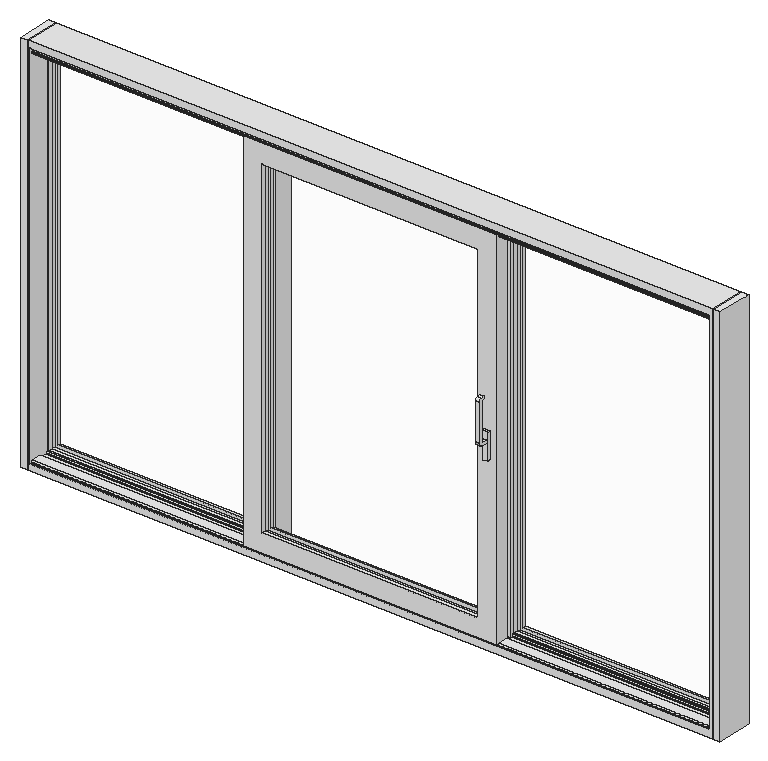
Revit family "heroal S 77 SL Sliding Door - 3-Parts - G", category Türen, Revit 2017
Family settings
  Basisbauteil = Wand
  OmniClass-Nummer = 23.30.10.00
  OmniClass-Titel = Doors
  Immer vertikal = Ja
  Beim Laden mit Abzugskörper schneiden = Nein
  Gemeinsam genutzt = Nein
  Raumberechnungspunkt = Ja
Parameters (values of type "4000x2200")
  Wind Load Resistance DIN EN 12210 = "C3/B3"
  Wall Thickness [instance] = 350 mm
  URL = "http://www.heroal.com"
  Tightness Against Driving Rain DIN EN 12208 = "9A"
  Soundproofing Class DIN EN ISO 717-1 = "1-3"
  Show Insulation in Detail Level Fine [instance] = yes
  Rough Width = Breite  # 4000 mm
  Rough Height = Height  # 2200 mm
  Reveal Top = 20 mm
  Reveal Right = 20 mm
  Reveal Left = 20 mm
  Profile View Width - Frame Profiles = "40 - 52mm"
  Profile View Width - Cross Bar Profiles = "74 - 104mm"
  Profile View Width - Casement Profiles = "104mm"
  Profile Installation Depth - Frame Profiles = "202mm"
  Profile Installation Depth - Cross Bar Profiles = "72mm"
  Profile Installation Depth - Casement Profiles = "77mm"
  Profile Area [instance] = (Breite - 20 mm) * (Height - 10 mm) - Glazing Area  # 1.38144 m²
  Modell = "heroal S 77 SL"  # constant formula
  Max. Thickness Of Glass/Infill Panel = "52mm"
  Max. Casement Weight = "300 - 400kg"
  Max. Casement Leaf Height = "3000mm"
  Hersteller = "heroal"  # constant formula
  Leaf Width Center = Breite / 3 + 107 mm  # 1440.333 mm
  Leaf Width = Breite / 3  # 1333.333 mm
  Insert Depth [instance] = 125 mm
  Height = 2200 mm
  Wandabschluss = Nach Basisbauteil
  Breite = 4000 mm
  Heat Insulation [Uw in W/m2K] DIN EN ISO 10077-1 = "> 0,82 W/m²K"
  Heat Insulation [Uf in W/m2K]/Standard Profile View DIN EN ISO 10077 = "> 1,2 W/m²K"
  Heat Insulation [Uf in W/m2K] DIN EN ISO 10077 = "> 1,2 W/m²K"
  Glazing Area [instance] = (Breite / 3 - 124 mm) * (Height - 124 mm) * 2 + (Breite / 3 - 104 mm) * (Height - 318 mm)  # 7.33476 m²
  Glass = heroal Glass
  Edition number = 1
  Door Interior [instance] = heroal Aluminium
  Door Exterior [instance] = heroal Aluminium
  Beschreibung = "heroal S 77 SL Sliding Systems"  # constant formula
  Copyright = "© heroal. Technical changes reserved."  # constant formula
  Clearance Width [instance] = Breite / 3 - 104.3 mm  # 1229.033 mm
  Clearance Height [instance] = Height - 161 mm  # 2039 mm
  Calculated U-Value (W/m²K) [instance] = ((Profile Area / 1.00 m² * 2.19 m²) + (Glazing Area / 1.00 m² * 0.70 m²) + (19.36 m² * 0.04)) / (Profile Area + Glazing Area)  # 1.025
  Burglary Resistance DIN V ENV 1627 = "up to RC 2"
  Baugruppenkennzeichen = "B2030110"
  Analytische Konstruktion = "<None>"
  Air Permeability DIN EN 12207 = "4"
Reference planes
  plane 1 "Center (Front/Back)": y = 0
  plane 2 "Axis 2": x = 516.667
  plane 3 "Left": x = -2150
  plane 4 "Right": x = 1850
  plane 5 "Sill": z = 0
  plane 6 "Head": z = 2200
  plane 7 "Exterior": y = 175
  plane 8 "Interior": y = -175
  plane 9: x = -2130
  plane 10: x = 1830
  plane 11 "Frame Exterior": y = 50
  plane 12: z = 2180
  plane 13 "Center (Elevation)": z = 1100
  plane 14 "Top Frame": z = 2190
  plane 15: z = -200
  plane 16: x = -2078
  plane 17 "Glass 1": x = -2094
  plane 18 "Glass 2": x = 482.667
  plane 19: x = 464.667
  plane 20: x = 568.667
  plane 21 "Glass 3": x = 552.667
  plane 22 "Glass Back 1": y = 35.5
  plane 23 "Glass Front 1": y = -4.5
  plane 24 "Glass Back 2": y = -89.5
  plane 25 "Glass Front 2": y = -129.5
  plane 26 "Glass Bottom": z = 130
  plane 27 "Glass Top": z = 2048
  plane 28 "Door Right": y = -75
  plane 29: x = 1785
  plane 30: x = -2085
  plane 31: x = 1183.333
  plane 32 "Handlle Edge": y = -152
  plane 33: z = 1050
  plane 34: x = -2140
  plane 35: x = 1840
  plane 36: x = -1483.333
  plane 37: x = 1794
  plane 38: x = -2100
  plane 39 "Axis 1": x = -816.667
  plane 40: x = -852.667
  plane 41: x = -868.667
  plane 42: x = -764.667
  plane 43: x = -782.667
  plane 44 "Center (Left/Right)": x = -150
  plane 45: y = -252
  plane 46: x = 1800
  plane 47: x = 1778
  plane 48: x = -203.5
Forms (mm)
  Extrusion 1, void
    sketch origin (0, 0, 0) x (1, 0, 0) y (0, 1, 0)
      loop
        line (-2150, -675) -> (1850, -675) -> (1850, 50) -> (-2150, 50) -> (-2150, -675)
    from -200 to 2200
  Extrusion 2, void
    sketch origin (0, 0, 0) x (1, 0, 0) y (0, 1, 0)
      loop
        line (-2130, 675) -> (-2130, 50) -> (1830, 50) -> (1830, 675) -> (-2130, 675)
    from 0 to 2180
  Sweep 3, solid, material "heroal Aluminium" <- "Door Interior"
    path origin (0, 50, 0) x (-1, 0, 0) y (0, 0, 1)
      loop
        line (-1850, 0) -> (-1850, 2190)
    profile "heroal_Profile_Frame : heroal_Profile_Frame" origin (1850, 50, 1095) x (1, 0, 0) y (0, 1, 0)
      loop
        line (-10, 0) -> (-50, 0) -> (-50, -202) -> (-10, -202) -> (-10, 0)
  Sweep 4, solid, material "heroal Aluminium" <- "Door Interior"
    path origin (0, 0, 0) x (0, -1, 0) y (1, 0, 0)
      loop
        line (-50, 516.667) -> (-50, 1800)
    profile "heroal_Profile_Bottom_Fixed : heroal_Profile_Bottom_Fixed" origin (1158.333, 50, 0) x (0, 1, 0) y (0, 0, 1)
      loop
        line (0, 30) -> (-77.125, 30) -> (-77.125, 52) -> (-89.589, 52) -> (-92.455, 44.125) -> (-92.49, 37.191) -> (-118.797, 38.8) -> (-132.5, 38.8) -> (-132.5, 43.868) -> (-135.409, 52) -> (-191.088, 52) -> (-193.955, 44.124) -> (-193.955, 39) -> (-202, 39) -> (-202, 0) -> (0, 0) -> (0, 30)
  Sweep 5, solid, material "heroal Aluminium" <- "Door Interior"
    path origin (0, 50, 0) x (-1, 0, 0) y (0, 0, 1)
      loop
        line (2150, 2155) -> (2150, 0)
    profile "heroal_Profile_Sided_Cover : heroal_Profile_Sided_Cover" origin (-2150, 50, 1077.5) x (-1, 0, 0) y (0, 1, 0)
      loop
        line (-65, -81) -> (-65, -202) -> (-50, -202) -> (-50, -81) -> (-65, -81)
  Sweep 6, solid, material "heroal Aluminium" <- "Door Interior"
    path origin (0, 50, 0) x (1, 0, 0) y (0, 0, 1)
      loop
        line (1850, 2155) -> (1850, 0)
    profile "heroal_Profile_Sided_Cover : heroal_Profile_Sided_Cover" origin (1850, 50, 1077.5) x (-1, 0, 0) y (0, 1, 0)
      loop
        line (65, -81) -> (50, -81) -> (50, -202) -> (65, -202) -> (65, -81)
  Sweep 7, solid, material "heroal Aluminium" <- "Door Interior"
    path origin (0, 50, 0) x (1, 0, 0) y (0, 0, 1)
      loop
        line (-2150, 0) -> (-2150, 2190)
    profile "heroal_Profile_Frame : heroal_Profile_Frame" origin (-2150, 50, 1095) x (1, 0, 0) y (0, 1, 0)
      loop
        line (10, 0) -> (10, -202) -> (50, -202) -> (50, 0) -> (10, 0)
  Sweep 8, solid, material "heroal Aluminium" <- "Door Interior"
    path origin (0, 50, 0) x (-1, 0, 0) y (0, 0, 1)
      loop
        line (-1800, 2200) -> (-516.667, 2200)
    profile "heroal_Profile_Frame_Top_Fixed : heroal_Profile_Frame_Top_Fixed" origin (1158.333, 50, 2200) x (0, 0, 1) y (0, 1, 0)
      loop
        line (-10, 0) -> (-50, 0) -> (-50, -77) -> (-37, -77) -> (-37, -148) -> (-73, -148) -> (-73, -194.288) -> (-68.168, -193.436) -> (-64.279, -186.7) -> (-45, -186.7) -> (-45, -202) -> (-10, -202) -> (-10, 0)
  Sweep 9, solid, material "heroal Aluminium" <- "Door Interior"
    path origin (-1220, 0, 0) x (0, -1, 0) y (1, 0, 0)
      loop
        line (-50, 403.333) -> (-50, 1736.667)
    profile "heroal_Profile_Bottom : heroal_Profile_Bottom" origin (-150, 50, 0) x (0, 1, 0) y (0, 0, 1)
      loop
        line (-135.409, 52) -> (-191.088, 52) -> (-193.955, 44.124) -> (-193.955, 39) -> (-202, 39) -> (-202, 0) -> (0, 0) -> (0, 52) -> (-108.409, 52) -> (-109.252, 38.216) -> (-118.797, 38.8) -> (-132.5, 38.8) -> (-132.5, 43.868) -> (-135.409, 52)
  Sweep 10, solid, material "heroal Aluminium" <- "Door Interior"
    path origin (-540, 50, 0) x (-1, 0, 0) y (0, 0, 1)
      loop
        line (-1056.667, 2200) -> (276.667, 2200)
    profile "heroal_Profile_Frame_Top : heroal_Profile_Frame_Top" origin (-150, 50, 2200) x (0, 0, 1) y (0, 1, 0)
      loop
        line (-10, 0) -> (-109, 0) -> (-109, -77) -> (-37, -77) -> (-37, -148) -> (-73, -148) -> (-73, -194.288) -> (-68.168, -193.436) -> (-64.279, -186.7) -> (-45, -186.7) -> (-45, -202) -> (-10, -202) -> (-10, 0)
  Sweep 11, solid, material "heroal Aluminium" <- "Door Interior"
    path origin (0, 50, 0) x (-1, 0, 0) y (0, 0, 1)
      loop
        line (-516.667, 2180) -> (-516.667, 0)
    profile "heroal_Profile_Center : heroal_Profile_Center" origin (516.667, 50, 1090) x (-1, 0, 0) y (0, 1, 0)
      loop
        line (-25, 0) -> (-25, -77) -> (-52, -77) -> (-52, -101) -> (52, -101) -> (52, 0) -> (-25, 0)
  Sweep 12, solid, material "heroal Aluminium" <- "Door Interior"
    path origin (-1200, 50, 0) x (1, 0, 0) y (0, 0, 1)
      loop
        line (383.333, 2180) -> (383.333, 0)
    profile "heroal_Profile_Center : heroal_Profile_Center" origin (-816.667, 50, 1090) x (-1, 0, 0) y (0, 1, 0)
      loop
        line (25, 0) -> (-52, 0) -> (-52, -101) -> (52, -101) -> (52, -77) -> (25, -77) -> (25, 0)
  Sweep 13, solid, material "heroal Aluminium" <- "Door Interior"
    path origin (-300, 50, 0) x (1, 0, 0) y (0, 0, 1)
      loop
        line (-1800, 2200) -> (-516.667, 2200)
    profile "heroal_Profile_Frame_Top_Fixed : heroal_Profile_Frame_Top_Fixed" origin (-1458.333, 50, 2200) x (0, 0, -1) y (0, 1, 0)
      loop
        line (10, 0) -> (10, -202) -> (45, -202) -> (45, -186.7) -> (64.279, -186.7) -> (68.168, -193.436) -> (73, -194.288) -> (73, -148) -> (37, -148) -> (37, -77) -> (50, -77) -> (50, 0) -> (10, 0)
  Sweep 14, solid, material "heroal Aluminium" <- "Door Interior"
    path origin (-300, 0, 0) x (0, -1, 0) y (-1, 0, 0)
      loop
        line (-50, 516.667) -> (-50, 1800)
    profile "heroal_Profile_Bottom_Fixed : heroal_Profile_Bottom_Fixed" origin (-1458.333, 50, 0) x (0, -1, 0) y (0, 0, 1)
      loop
        line (0, 30) -> (0, 0) -> (202, 0) -> (202, 39) -> (193.955, 39) -> (193.955, 44.124) -> (191.088, 52) -> (135.409, 52) -> (132.5, 43.868) -> (132.5, 38.8) -> (118.797, 38.8) -> (92.49, 37.191) -> (92.455, 44.125) -> (89.589, 52) -> (77.125, 52) -> (77.125, 30) -> (0, 30)
Cuts and joins
  joined: Sweep 4, Sweep 5, Sweep 6, Sweep 8, Sweep 9, Sweep 10, Sweep 11, Sweep 12, Sweep 13, Sweep 14
Lines and regions (mm)
  Masking region 1
    outline origin (0, 0, 0) x (0, -1, 0) y (1, 0, 0)
      loop
        line (-35.5, -2094) -> (4.5, -2094) -> (4.5, -852.667) -> (-35.5, -852.667) -> (-35.5, -2094)
      loop
        line (-35.5, 552.667) -> (4.5, 552.667) -> (4.5, 1794) -> (-35.5, 1794) -> (-35.5, 552.667)
      loop
        line (89.5, 482.667) -> (89.5, -782.667) -> (129.5, -782.667) -> (129.5, 482.667) -> (89.5, 482.667)
  Masking region 2
    outline origin (0, 0, 0) x (0, -1, 0) y (1, 0, 0)
      loop
        line (152, 568.667) -> (152, 1794) -> (27, 1794) -> (27, 568.667) -> (152, 568.667)
      loop
        line (75, -764.667) -> (75, 464.667) -> (-50, 464.667) -> (-50, -764.667) -> (75, -764.667)
      loop
        line (152, -868.667) -> (27, -868.667) -> (27, -2085) -> (152, -2085) -> (152, -868.667)
  symbolic lines, detail levels medium+fine
    curve 1: line (-782.667, -109.5, 0) -> (482.667, -109.5, 0)
    curve 2: line (1794, 15.5, 0) -> (552.667, 15.5, 0)
    curve 5: line (-766.667, -152, 0) -> (466.667, -152, 0)
    curve 7: line (-2094, 15.5, 0) -> (-852.667, 15.5, 0)
  symbolic lines
    curve 3: line (566.667, -152, 0) -> (1693, -152, 0)
    curve 4: line (464.667, 50, 0) -> (-2078, 50, 0)
    curve 6: line (-868.667, -152, 0) -> (-2078, -152, 0)
Text (mm)
  text "EXTERIOR" at (-1963.203, 1332.353, 0), in view "Ref. Level"
  text "INTERIOR" at (-1981.466, -818.386, 0), in view "Ref. Level"
  text "Exterior" at (0, 923.751, 2943.296), in view "Right"
  text "Exterior" at (0, 1040.484, 2685.409), in view "Left"
Dimensions and locks
  "Breite": plane 3 "Left" to plane 4 "Right"
  "Height": plane 5 "Sill" to plane 6 "Head"
  locked: plane 7 "Exterior" to host wall at 0
  locked: plane 8 "Interior" to host wall
  "Insert Depth": plane 11 "Frame Exterior" to plane 7 "Exterior"
  "Reveal Top": plane 12 to plane 6 "Head"
  Extrusion 1 sketch curve to plane 8 "Interior" = 500 mm
  locked: plane 7 "Exterior" to Extrusion 2 sketch curve at 500
  "Reveal Left": plane 3 "Left" to plane 9
  "Reveal Right": plane 10 to plane 4 "Right"
  locked: plane 14 "Top Frame" to plane 6 "Head" at 10
  equal spacing: plane 5 "Sill", plane 13 "Center (Elevation)", plane 6 "Head"
  "Wall Thickness": host wall to host wall
  plane 15 to plane 5 "Sill" = 200 mm
  plane 11 "Frame Exterior" to plane 22 "Glass Back 1" to plane 23 "Glass Front 1" to plane 24 "Glass Back 2" to plane 25 "Glass Front 2" to plane 32 "Handlle Edge" = 14.5 mm, 40 mm, 85 mm, 40 mm, 22.5 mm
  locked: plane 22 "Glass Back 1" to curve 2 at 20
  plane 28 "Door Right" to plane 24 "Glass Back 2" to curve 1 = 14.5 mm locked, 20 mm locked
  locked: plane 27 "Glass Top" to plane 6 "Head" at 152
  plane 5 "Sill" to plane 26 "Glass Bottom" = 130 mm
  locked: plane 33 to plane 5 "Sill" at 1050
  locked: plane 3 "Left" to plane 34 at 10
  locked: plane 35 to plane 4 "Right" at 10
  plane 45 to Sweep 3 = 100 mm
  equal spacing: plane 3 "Left", plane 44 "Center (Left/Right)", plane 4 "Right"
  equal spacing: plane 3 "Left", plane 39 "Axis 1", plane 2 "Axis 2", plane 4 "Right"
  equal spacing: plane 3 "Left", plane 36, plane 39 "Axis 1"
  equal spacing: plane 39 "Axis 1", plane 44 "Center (Left/Right)", plane 2 "Axis 2"
  equal spacing: plane 2 "Axis 2", plane 31, plane 4 "Right"
  plane 3 "Left" to plane 38 to plane 17 "Glass 1" to plane 30 to plane 16 = 50 mm locked, 6 mm locked, 9 mm locked, 7 mm locked
  plane 47 to plane 29 to plane 37 to plane 46 to plane 4 "Right" = 7 mm locked, 9 mm locked, 6 mm locked, 50 mm locked
  plane 19 to plane 18 "Glass 2" to plane 2 "Axis 2" to plane 21 "Glass 3" to plane 20 = 18 mm locked, 34 mm locked, 36 mm locked, 16 mm locked
  plane 41 to plane 40 to plane 39 "Axis 1" to plane 43 to plane 42 = 16 mm locked, 36 mm locked, 34 mm locked, 18 mm locked
  locked: plane 48 to plane 44 "Center (Left/Right)" at 53.5
  aligned and locked: Extrusion 1 sketch curve to plane 3 "Left"
  aligned and locked: plane 4 "Right" to Extrusion 1 sketch curve
  aligned and locked: Extrusion 1 sketch curve to plane 11 "Frame Exterior"
  aligned: Extrusion 1 to plane 12
  aligned and locked: plane 11 "Frame Exterior" to Extrusion 2 sketch curve
  aligned and locked: plane 9 to Extrusion 2 sketch curve
  aligned and locked: Extrusion 2 sketch curve to plane 10
  aligned and locked: Extrusion 2 to plane 12
  aligned and locked: plane 5 "Sill" to Extrusion 2
  aligned and locked: Extrusion 1 to plane 6 "Head"
  aligned and locked: plane 4 "Right" to Sweep 3 sketch curve
  aligned and locked: Masking region 1 sketch curve to plane 22 "Glass Back 1"
  aligned and locked: Masking region 1 sketch curve to plane 23 "Glass Front 1"  (x2)
  aligned and locked: plane 11 "Frame Exterior" to Sweep 4 sketch curve
  aligned and locked: nested 1 to plane 31
  aligned and locked: nested 1 to plane 13 "Center (Elevation)"
  aligned and locked: plane 5 "Sill" to Sweep 5 sketch curve
  aligned and locked: plane 3 "Left" to Sweep 5 sketch curve
  aligned and locked: nested 3 to plane 32 "Handlle Edge"
  aligned and locked: plane 33 to nested 3
  aligned and locked: plane 5 "Sill" to Sweep 3 sketch curve
  aligned and locked: plane 5 "Sill" to Sweep 7 sketch curve
  aligned and locked: plane 14 "Top Frame" to Sweep 7 sketch curve
  aligned and locked: plane 14 "Top Frame" to Sweep 3 sketch curve
  aligned and locked: plane 6 "Head" to Sweep 8 sketch curve
  aligned and locked: plane 2 "Axis 2" to Sweep 8 sketch curve
  aligned and locked: plane 2 "Axis 2" to Sweep 10 sketch curve
  aligned and locked: plane 2 "Axis 2" to Sweep 9 sketch curve
  aligned and locked: plane 2 "Axis 2" to Sweep 4 sketch curve
  aligned and locked: plane 12 to Sweep 11 sketch curve
  aligned and locked: plane 5 "Sill" to Sweep 11 sketch curve
  aligned and locked: Sweep 11 sketch curve to plane 2 "Axis 2"
  aligned and locked: plane 12 to Sweep 12 sketch curve
  aligned and locked: plane 5 "Sill" to Sweep 12 sketch curve
  aligned and locked: plane 39 "Axis 1" to Sweep 12 sketch curve
  aligned and locked: nested 6 to plane 36
  aligned and locked: nested 6 to plane 13 "Center (Elevation)"
  aligned and locked: nested 7 to plane 44 "Center (Left/Right)"
  aligned and locked: nested 7 to plane 13 "Center (Elevation)"
  aligned and locked: nested 2 to plane 45
  aligned and locked: plane 39 "Axis 1" to Sweep 10 sketch curve
  aligned and locked: plane 39 "Axis 1" to Sweep 9 sketch curve
  aligned and locked: plane 38 to Sweep 13 sketch curve
  aligned and locked: plane 39 "Axis 1" to Sweep 13 sketch curve
  aligned and locked: plane 38 to Sweep 14 sketch curve
  aligned and locked: plane 39 "Axis 1" to Sweep 14 sketch curve
  aligned and locked: nested 2 to plane 44 "Center (Left/Right)"
  aligned and locked: plane 3 "Left" to nested 8
  aligned and locked: plane 11 "Frame Exterior" to nested 8
  aligned and locked: plane 4 "Right" to nested 9
  aligned and locked: nested 9 to plane 11 "Frame Exterior"
  aligned and locked: plane 22 "Glass Back 1" to Masking region 1 sketch curve
  aligned and locked: plane 21 "Glass 3" to Masking region 1 sketch curve
  aligned and locked: plane 19 to Masking region 2 sketch curve
  aligned and locked: Masking region 2 sketch curve to plane 20
  aligned and locked: plane 37 to Masking region 2 sketch curve
  aligned and locked: Masking region 2 sketch curve to plane 41
  aligned and locked: plane 30 to Masking region 2 sketch curve
  aligned and locked: Masking region 1 sketch curve to plane 37
  aligned and locked: plane 2 "Axis 2" to nested 10
  aligned and locked: nested 10 to plane 11 "Frame Exterior"
  aligned and locked: nested 11 to plane 39 "Axis 1"
  aligned and locked: plane 11 "Frame Exterior" to nested 11
  aligned and locked: plane 37 to curve 2
  aligned and locked: nested 10 to curve 2
  aligned and locked: nested 8 to curve 7
  aligned and locked: nested 11 to curve 7
  aligned and locked: plane 17 "Glass 1" to Masking region 1 sketch curve
  aligned and locked: Masking region 1 sketch curve to plane 40
  aligned and locked: plane 18 "Glass 2" to Masking region 1 sketch curve
  aligned and locked: Masking region 1 sketch curve to plane 43
  aligned and locked: nested 10 to curve 1
  aligned and locked: curve 7 to curve 2
  aligned and locked: plane 36 to nested 4
  aligned and locked: plane 31 to nested 12
  aligned and locked: plane 11 "Frame Exterior" to nested 12
  aligned and locked: nested 4 to plane 11 "Frame Exterior"
  aligned and locked: nested 5 to plane 28 "Door Right"
  aligned and locked: Sweep 5 sketch curve to Sweep 13
  aligned and locked: Sweep 8 to Sweep 6 sketch curve
  aligned and locked: plane 46 to Sweep 8 sketch curve
  aligned and locked: plane 46 to Sweep 4 sketch curve
  aligned and locked: plane 5 "Sill" to Sweep 6 sketch curve
  aligned and locked: nested 3 to plane 2 "Axis 2"
  aligned and locked: nested 11 to curve 5
  aligned and locked: nested 10 to curve 5
  aligned and locked: curve 5 to plane 32 "Handlle Edge"
Automatic sketch dimensions
  Masking region 1 sketch curve to plane 24 "Glass Back 2" = 0 mm
  Masking region 1 sketch curve to plane 25 "Glass Front 2" = 0 mm
  plane 4 "Right" to Sweep 6 sketch curve = 0 mm
  plane 3 "Left" to Sweep 7 sketch curve = 0 mm
  Sweep 9 sketch curve to plane 11 "Frame Exterior" = 0 mm
  Sweep 14 sketch curve to plane 11 "Frame Exterior" = 0 mm
  Masking region 2 sketch curve to plane 42 = 0 mm
  plane 11 "Frame Exterior" to Masking region 2 sketch curve = 0 mm
  plane 23 "Glass Front 1" to Masking region 2 sketch curve = 22.5 mm  (x2)
  plane 28 "Door Right" to Masking region 2 sketch curve = 0 mm
  plane 32 "Handlle Edge" to Masking region 2 sketch curve = 0 mm  (x2)
  Sweep 10 sketch curve to plane 6 "Head" = 0 mm
  Sweep 13 sketch curve to plane 6 "Head" = 0 mm
  curve 4 to plane 16 = 0 mm
  curve 4 to plane 11 "Frame Exterior" = 0 mm
  curve 6 to plane 32 "Handlle Edge" = 0 mm  (x2)
  curve 1 to plane 43 = 0 mm
  curve 4 to plane 19 = 0 mm
  plane 11 "Frame Exterior" to curve 4 = 0 mm
  plane 32 "Handlle Edge" to curve 3 = 0 mm
  plane 16 to curve 6 = 0 mm
  curve 6 to plane 41 = 0 mm
  curve 3 to plane 20 = 2 mm
  curve 3 to plane 47 = 85 mm
Nested families
  nested 1: "heroal_Detail_Arrow" at (1183.333, 50, 1100) x (1, 0, 0) z (0, 1, 0), type "heroal_Detail_Arrow"
    with Fixed yes, Arrow no
  nested 2: "heroal_Detail_Arrow" at (-150, -252, 0) x (1, 0, 0) z (0, 0, -1), type "heroal_Detail_Arrow"
    with Fixed no, Arrow yes
  nested 3: "heroal_Handle" at (516.667, -152, 1050), type "heroal_Handle"
  nested 4: "Leaf" at (-1483.333, 50, 0), Breite <- "Leaf Width", Height <- "Height", Door Exterior <- "Door Exterior", Door Interior <- "Door Interior", Glass <- "Glass", Show Insulation <- "Show Insulation in Detail Level Fine", type "Leaf"
    with Breite 1333.333 mm, Show Insulation yes, Interior no, Height 2200 mm, Glass heroal Glass, Fixed Glazing yes, Exterior yes, Door Interior heroal Aluminium, Door Exterior heroal Aluminium, Door no
  nested 5: "Leaf" at (-203.5, -152, 0), Breite <- "Leaf Width Center", Height <- "Height", Door Exterior <- "Door Exterior", Door Interior <- "Door Interior", Glass <- "Glass", Show Insulation <- "Show Insulation in Detail Level Fine", type "Leaf"
    with Breite 1440.333 mm, Show Insulation yes, Interior yes, Height 2200 mm, Glass heroal Glass, Fixed Glazing no, Exterior no, Door Interior heroal Aluminium, Door Exterior heroal Aluminium, Door yes
  nested 6: "heroal_Detail_Arrow" at (-1483.333, 50, 1100) x (-1, 0, 0) z (0, 1, 0), type "heroal_Detail_Arrow"
    with Fixed yes, Arrow no
  nested 7: "heroal_Detail_Arrow" at (-150, 50, 1100) x (-1, 0, 0) z (0, 1, 0), type "heroal_Detail_Arrow"
    with Fixed no, Arrow yes
  nested 8: "heroal_Detail_Frame_Left" at (-2150, 50, 0) x (1, 0, 0) z (0, 0, -1), type "heroal_Detail_Frame_Left"
  nested 9: "heroal_Detail_Frame_Left" at (1850, 50, 0) x (-1, 0, 0) z (0, 0, -1), type "heroal_Detail_Frame_Left"
  nested 10: "heroal_Detail_Frame_Center" at (516.667, 50, 0) x (-1, 0, 0) z (0, 0, -1), type "heroal_Detail_Frame_Center"
  nested 11: "heroal_Detail_Frame_Center" at (-816.667, 50, 0) x (1, 0, 0) z (0, 0, -1), type "heroal_Detail_Frame_Center"
  nested 12: "Leaf" at (1183.333, 50, 0) x (-1, 0, 0) z (0, 0, 1), Breite <- "Leaf Width", Height <- "Height", Door Exterior <- "Door Exterior", Door Interior <- "Door Interior", Glass <- "Glass", Show Insulation <- "Show Insulation in Detail Level Fine", type "Leaf"
    with Breite 1333.333 mm, Show Insulation yes, Interior no, Height 2200 mm, Glass heroal Glass, Fixed Glazing yes, Exterior yes, Door Interior heroal Aluminium, Door Exterior heroal Aluminium, Door no
Definition of nested family "heroal_Handle"
  Parameters (values of type "heroal_Handle")
    Assembly Code = ""
  Reference planes
    plane 1 "Center (Front/Back)": y = 0
    plane 2: z = 0
    plane 3 "Center (Left/Right)": x = 0
    plane 4 "Back": y = 77
  Forms (mm)
    Sweep 1, solid
      path origin (0, 0, 0) x (0, 1, 0) y (0, 0, -1)
        loop
          line (-6.292, -24.205) -> (-52.748, -28.27)
          arc (-52.748, -28.27) -> (-59.25, -31.476) -> (-61.877, -38.232) r 10
          line (-61.877, -38.232) -> (-61.877, -245.611)
          arc (-61.877, -245.611) -> (-59.81, -251.699) -> (-54.465, -255.271) r 10
          line (-54.465, -255.271) -> (-37.933, -259.7)
      profile origin (0, -46.199, 257.486) x (0, 0.258819, -0.965926) y (-1, 0, 0)
        loop
          line (7.5, -11.552) -> (7.5, 11.552) -> (-7.5, 11.552) -> (-7.5, -11.552) -> (7.5, -11.552)
    Extrusion 2, solid
      sketch origin (-132.182, 0, 0) x (1, 0, 0) y (0, 0, 1)
        loop
          arc (143.932, -76) -> (147.467, -74.536) -> (148.932, -71) r 5
          line (148.932, -71) -> (148.932, 71)
          arc (148.932, 71) -> (147.467, 74.536) -> (143.932, 76) r 5
          line (143.932, 76) -> (120.432, 76)
          arc (120.432, 76) -> (116.896, 74.536) -> (115.432, 71) r 5
          line (115.432, 71) -> (115.432, -71)
          arc (115.432, -71) -> (116.896, -74.536) -> (120.432, -76) r 5
          line (120.432, -76) -> (143.932, -76)
      from 0 to 14
    Extrusion 3, solid, detail levels medium+fine
      sketch origin (0, 77, 24.491) x (-1, 0, 0) y (0, 0, 1)
        loop
          arc (21, 50) -> (19.536, 53.536) -> (16, 55) r 5
          line (16, 55) -> (-16, 55)
          arc (-16, 55) -> (-19.536, 53.536) -> (-21, 50) r 5
          line (-21, 50) -> (-21, -98.983)
          arc (-21, -98.983) -> (-19.536, -102.518) -> (-16, -103.983) r 5
          line (-16, -103.983) -> (16, -103.983)
          arc (16, -103.983) -> (19.536, -102.518) -> (21, -98.983) r 5
          line (21, -98.983) -> (21, 50)
        loop
          line (-6.5, -37.457) -> (6.5, -37.457)
          arc (6.5, -37.457) -> (11.066, -35.566) -> (12.957, -31) r 6.457
          line (12.957, -31) -> (12.957, 31)
          arc (12.957, 31) -> (11.066, 35.566) -> (6.5, 37.457) r 6.457
          line (6.5, 37.457) -> (-6.5, 37.457)
          arc (-6.5, 37.457) -> (-11.066, 35.566) -> (-12.957, 31) r 6.457
          line (-12.957, 31) -> (-12.957, -31)
          arc (-12.957, -31) -> (-11.066, -35.566) -> (-6.5, -37.457) r 6.457
      from 0 to 3
    Extrusion 4, solid, detail levels medium+fine
      sketch origin (0, 77, 24.491) x (-1, 0, 0) y (0, 0, 1)
        loop
          line (-6.5, -37.457) -> (6.5, -37.457)
          arc (6.5, -37.457) -> (11.066, -35.566) -> (12.957, -31) r 6.457
          line (12.957, -31) -> (12.957, 31)
          arc (12.957, 31) -> (11.066, 35.566) -> (6.5, 37.457) r 6.457
          line (6.5, 37.457) -> (-6.5, 37.457)
          arc (-6.5, 37.457) -> (-11.066, 35.566) -> (-12.957, 31) r 6.457
          line (-12.957, 31) -> (-12.957, -31)
          arc (-12.957, -31) -> (-11.066, -35.566) -> (-6.5, -37.457) r 6.457
      from 0 to 1.5
  Cuts and joins
    joined: Sweep 1, Extrusion 2
  Lines and regions (mm)
    Masking region 1, detail levels medium+fine
      outline origin (-0.75, 0, 0) x (1, 0, 0) y (0, 1, 0)
        loop
          line (17.5, 0) -> (-16, 0) -> (-16, -14) -> (17.5, -14) -> (17.5, 0)
    Masking region 2, detail levels medium+fine
      outline origin (4.448, -14, 0) x (1, 0, 0) y (0, 1, 0)
        loop
          line (7.105, 0) -> (-16, 0) -> (-16, -50.352)
          arc (-16, -50.352) -> (-14.536, -53.887) -> (-11, -55.352) r 5
          line (-11, -55.352) -> (2.105, -55.352)
          arc (2.105, -55.352) -> (5.64, -53.887) -> (7.105, -50.352) r 5
          line (7.105, -50.352) -> (7.105, 0)
    symbolic lines, detail levels medium+fine
      curve 1: line (11.552, -39.875, 0) -> (-11.552, -39.875, 0)
      curve 2: line (11.552, -35.992, 0) -> (-11.552, -35.992, 0)
  Dimensions and locks
    aligned and locked: level to plane 2
Definition of nested family "Leaf"
  Parameters (values of type "Leaf")
    Width [instance] = 1500 mm
    Show Insulation [instance] = no
    Interior [instance] = yes
    Height [instance] = 2200 mm
    Glass [instance] = none
    Fixed Glazing [instance] = not(Door)  # yes
    Exterior [instance] = yes
    Door Interior [instance] = none
    Door Exterior [instance] = none
    Door [instance] = no
    Assembly Code = ""
    Analytic Construction = "<None>"
  Reference planes
    plane 1 "Back": y = 0
    plane 2 "Bottom": z = 0
    plane 3 "Center (Left/Right)": x = 0
    plane 4 "Left": x = -750
    plane 5 "Right": x = 750
    plane 6: z = 2200
    plane 7: z = 130
    plane 8: z = 2048
    plane 9: x = -609
    plane 10: x = 716
    plane 11: z = -22
    plane 12: z = 44
    plane 13: z = 2134
    plane 14: y = -77
    plane 15 "Fixed Left": x = -694
    plane 16 "Fixed Top": z = 2144
    plane 17 "Fixed Bottom": z = 36
  Forms (mm)
    Sweep 1, solid, material <- "Door Interior", visible <- "Door"
      path origin (0, 0, 0) x (1, 0, 0) y (0, 0, 1)
        loop
          line (-609, 2048) -> (-609, 130) -> (716, 130) -> (716, 2048) -> (-609, 2048)
      profile "heroal_Profile_Leaf : heroal_Profile_Leaf" origin (-609, 0, 1089) x (1, 0, 0) y (0, -1, 0)
        loop
          line (-86, 77) -> (-86, 0) -> (18, 0) -> (18, 22.5) -> (0, 22.5) -> (0, 62.5) -> (18, 62.5) -> (18, 77) -> (-86, 77)
    Extrusion 2, solid, material <- "Glass", visible <- "Door"
      sketch origin (0, 0, 0) x (1, 0, 0) y (0, 0, 1)
        loop
          line (-609, 2048) -> (-609, 130) -> (716, 130) -> (716, 2048) -> (-609, 2048)
      from 22.5 to 62.5
    Sweep 3, solid, material <- "Door Interior", visible <- "Fixed Glazing"
      path origin (0, 0, 0) x (1, 0, 0) y (0, 0, 1)
        loop
          line (-694, 2144) -> (-694, 36) -> (714, 36) -> (714, 2144) -> (-694, 2144)
      profile "heroal_Profile_Leaf_Fixed : heroal_Profile_Leaf_Fixed" origin (-694, 0, 1090) x (1, 0, 0) y (0, -1, 0)
        loop
          line (16, 0) -> (16, 14.5) -> (0, 14.5) -> (0, 54.5) -> (16, 54.5) -> (16, 77) -> (-6, 77) -> (-6, 0) -> (16, 0)
    Extrusion 4, solid, material <- "Glass", visible <- "Fixed Glazing"
      sketch origin (0, 0, 0) x (1, 0, 0) y (0, 0, 1)
        loop
          line (-694, 2144) -> (-694, 36) -> (714, 36) -> (714, 2144) -> (-694, 2144)
      from 14.5 to 54.5
  Lines and regions (mm)
    symbolic lines, visible <- "Fixed Glazing", detail levels medium+fine
      curve 1: line (0, -34.5, 2144) -> (0, -34.5, 36)
    symbolic lines, visible <- "Door", detail levels medium+fine
      curve 2: line (0, -42.5, 2048) -> (0, -42.5, 130)
  Dimensions and locks
    equal spacing: plane 4 "Left", plane 3 "Center (Left/Right)", plane 5 "Right"
    "Width": plane 4 "Left" to plane 5 "Right"
    "Height": plane 6 to plane 2 "Bottom"
    locked: plane 7 to plane 2 "Bottom" at 130
    locked: plane 6 to plane 8 at 152
    locked: plane 4 "Left" to plane 9 at 141
    locked: plane 10 to plane 5 "Right" at 34
    locked: plane 2 "Bottom" to plane 11 at 22
    locked: plane 12 to plane 11 at 66
    locked: plane 6 to plane 13 at 66
    locked: plane 1 "Back" to plane 14 at 77
    locked: plane 4 "Left" to plane 15 "Fixed Left" at 56
    locked: plane 10 to Sweep 3 sketch curve at 2
    locked: plane 10 to Extrusion 4 sketch curve at 2
    locked: plane 6 to plane 16 "Fixed Top" at 56
    locked: plane 17 "Fixed Bottom" to plane 2 "Bottom" at 36
    aligned and locked: level to plane 2 "Bottom"
    aligned and locked: Sweep 1 sketch curve to plane 9
    aligned and locked: Sweep 1 sketch curve to plane 8
    aligned and locked: Sweep 1 sketch curve to plane 10
    aligned and locked: Sweep 1 sketch curve to plane 7
    aligned and locked: Extrusion 2 sketch curve to plane 8
    aligned and locked: plane 9 to Extrusion 2 sketch curve
    aligned and locked: plane 7 to Extrusion 2 sketch curve
    aligned and locked: nested 1 to plane 6
    aligned and locked: nested 1 to plane 1 "Back"
    aligned and locked: nested 2 to plane 2 "Bottom"
    aligned and locked: plane 1 "Back" to nested 2
    aligned and locked: Sweep 3 sketch curve to plane 15 "Fixed Left"
    aligned and locked: plane 15 "Fixed Left" to Extrusion 4 sketch curve
    aligned and locked: Extrusion 4 sketch curve to plane 16 "Fixed Top"
    aligned and locked: Sweep 3 sketch curve to plane 16 "Fixed Top"
    aligned and locked: nested 3 to plane 2 "Bottom"
    aligned and locked: plane 1 "Back" to nested 3
    aligned and locked: Extrusion 4 sketch curve to plane 17 "Fixed Bottom"
    aligned and locked: plane 17 "Fixed Bottom" to Sweep 3 sketch curve
    aligned and locked: nested 3 to curve 1
    aligned and locked: plane 6 to nested 4
    aligned and locked: nested 4 to plane 1 "Back"
  Automatic sketch dimensions
    Extrusion 2 sketch curve to plane 10 = 0 mm
    curve 2 to plane 8 = 0 mm
    curve 2 to plane 7 = 0 mm
    curve 1 to plane 16 "Fixed Top" = 0 mm
    curve 2 to plane 14 = 34.5 mm
    curve 1 to plane 17 "Fixed Bottom" = 0 mm
    plane 1 "Back" to curve 1 = 34.5 mm
  Nested families
    nested 1: "heroal_Detail_Frame_Top" at (0, -202, 2200) x (0, 1, 0) z (1, 0, 0), visible <- "Door", type "heroal_Detail_Frame_Top"
    nested 2: "heroal_Detail_Frame_Bottom" at (0, -178, 0) x (0, 1, 0) z (1, 0, 0), visible <- "Door", type "heroal_Detail_Frame_Bottom"
    nested 3: "heroal_Detail_Frame_Bottom_Fixed" at (0, -178, 0) x (0, 1, 0) z (1, 0, 0), visible <- "Fixed Glazing", type "heroal_Detail_Frame_Bottom_Fixed"
    nested 4: "heroal_Detail_Frame_Top_Fixed" at (0, 0, 2200) x (0, -1, 0) z (1, 0, 0), visible <- "Fixed Glazing", type "heroal_Detail_Frame_Top_Fixed"
  Definition of nested family "heroal_Detail_Frame_Top"
    Parameters (values of type "heroal_Detail_Frame_Top")
      Show Insulation = no
      Assembly Code = ""
    Reference planes
      plane 1 "Center (Front/Back)": y = 0
      plane 2: z = 0
      plane 3 "Center (Left/Right)": x = 0
      plane 4: x = 202
    Lines and regions (mm)
      Filled region 1, type "heroal_Insulation", in view "Ref. Level", visible <- "Show Insulation", detail levels fine
        outline origin (805.247, -167.37, 0) x (1, 0, 0) y (0, 1, 0)
          loop
            line (-652.878, 30.672) -> (-642.462, 30.672) -> (-642.444, 32.314) -> (-641.261, 34.363) -> (-639.247, 35.609) -> (-639.247, 43.97) -> (-647.547, 43.969) -> (-647.547, 63.87) -> (-649.261, 65.115) -> (-650.447, 67.438) -> (-650.461, 68.77) -> (-652.878, 68.77) -> (-654.322, 67.07) -> (-656.054, 66.07) -> (-660.44, 66.07) -> (-662.172, 67.07) -> (-663.616, 68.77) -> (-666.033, 68.77) -> (-666.047, 67.438) -> (-667.233, 65.115) -> (-669.247, 63.87) -> (-669.247, 35.569) -> (-667.233, 34.324) -> (-666.05, 32.274) -> (-666.033, 30.672) -> (-663.616, 30.672) -> (-662.923, 31.072) -> (-662.172, 32.372) -> (-661.44, 33.104) -> (-660.44, 33.372) -> (-656.054, 33.372) -> (-655.054, 33.104) -> (-654.322, 32.372) -> (-653.571, 31.072) -> (-652.878, 30.672)
          loop
            line (-678.247, 77.57) -> (-678.247, 73.37) -> (-605.247, 73.37) -> (-605.247, 77.57) -> (-608.047, 77.57) -> (-608.047, 84.37) -> (-675.047, 84.37) -> (-675.047, 77.57) -> (-678.247, 77.57)
          loop
            line (-682.203, 155.37) -> (-687.103, 150.47) -> (-688.747, 150.47) -> (-691.047, 152.77) -> (-691.047, 150.872) -> (-694.247, 147.67) -> (-694.247, 139.57) -> (-691.047, 136.368) -> (-691.047, 134.47) -> (-688.747, 136.77) -> (-687.103, 136.77) -> (-682.203, 131.87) -> (-669.291, 131.87) -> (-664.391, 136.77) -> (-662.747, 136.77) -> (-660.447, 134.47) -> (-660.447, 136.368) -> (-657.247, 139.57) -> (-657.247, 147.67) -> (-660.447, 150.872) -> (-660.447, 152.77) -> (-662.747, 150.47) -> (-664.391, 150.47) -> (-669.291, 155.37) -> (-682.203, 155.37)
          loop
            line (-783.247, 132.026) -> (-780.048, 128.687) -> (-780.048, 126.931) -> (-777.748, 129.231) -> (-776.091, 129.231) -> (-771.229, 124.37) -> (-758.266, 124.37) -> (-753.404, 129.231) -> (-751.747, 129.231) -> (-749.447, 126.931) -> (-749.447, 128.687) -> (-746.247, 132.027) -> (-746.247, 147.674) -> (-749.446, 151.014) -> (-749.446, 152.77) -> (-751.747, 150.47) -> (-753.403, 150.47) -> (-758.265, 155.331) -> (-771.228, 155.331) -> (-776.09, 150.47) -> (-777.747, 150.47) -> (-780.047, 152.77) -> (-780.047, 151.014) -> (-783.247, 147.674) -> (-783.247, 132.026)
          loop
            line (-719.648, 117.368) -> (-719.648, 103.089) -> (-718.401, 102.37) -> (-704.647, 102.37) -> (-704.647, 112.87) -> (-665.047, 112.87) -> (-665.047, 117.368)
            arc (-665.047, 117.368) -> (-666.512, 120.904) -> (-670.048, 122.368) r 5
            line (-670.048, 122.368) -> (-686.648, 122.368) -> (-686.648, 123.368) -> (-698.048, 123.368) -> (-698.048, 122.368) -> (-714.648, 122.368)
            arc (-714.648, 122.368) -> (-718.183, 120.904) -> (-719.648, 117.368) r 5
  Definition of nested family "heroal_Detail_Frame_Bottom"
    Parameters (values of type "heroal_Detail_Frame_Bottom")
      Show Insulation = no
      Assembly Code = ""
    Reference planes
      plane 1 "Center (Front/Back)": y = 0
      plane 2: z = 0
      plane 3 "Center (Left/Right)": x = -23.876
      plane 4: x = 178
    Lines and regions (mm)
      Filled region 1, type "heroal_Insulation", in view "Ref. Level", visible <- "Show Insulation", detail levels fine
        outline origin (911.247, -177.37, 0) x (1, 0, 0) y (0, 1, 0)
          loop
            line (-778.247, 230.37) -> (-778.247, 249.37) -> (-808.247, 249.37) -> (-808.247, 245.17) -> (-805.747, 245.17) -> (-805.747, 233.57) -> (-800.247, 233.57) -> (-797.047, 230.37) -> (-778.247, 230.37)
          loop
            line (-780.447, 255.302) -> (-779.261, 257.624) -> (-777.547, 258.869) -> (-777.547, 278.77) -> (-769.247, 278.769) -> (-769.247, 287.13) -> (-771.261, 288.376) -> (-772.444, 290.425) -> (-772.462, 292.067) -> (-782.878, 292.067) -> (-783.571, 291.667) -> (-784.322, 290.367) -> (-785.054, 289.635) -> (-786.054, 289.367) -> (-790.44, 289.367) -> (-791.44, 289.635) -> (-792.172, 290.367) -> (-792.923, 291.667) -> (-793.616, 292.067) -> (-796.033, 292.067) -> (-796.05, 290.465) -> (-797.233, 288.415) -> (-799.247, 287.17) -> (-799.247, 258.869) -> (-797.233, 257.624) -> (-796.047, 255.302) -> (-796.033, 253.969) -> (-793.616, 253.969) -> (-792.172, 255.67) -> (-790.44, 256.67) -> (-786.054, 256.669) -> (-784.322, 255.67) -> (-782.878, 253.969) -> (-780.461, 253.969) -> (-780.447, 255.302)
          loop
            line (-812.203, 195.87) -> (-817.103, 190.97) -> (-818.747, 190.97) -> (-821.047, 193.27) -> (-821.047, 191.372) -> (-824.247, 188.17) -> (-824.247, 187.07) -> (-821.047, 183.868) -> (-821.047, 181.97) -> (-818.747, 184.27) -> (-817.103, 184.27) -> (-812.203, 179.37) -> (-799.291, 179.37) -> (-794.391, 184.27) -> (-792.747, 184.27) -> (-790.447, 181.97) -> (-790.447, 183.868) -> (-787.247, 187.07) -> (-787.247, 188.17) -> (-790.447, 191.372) -> (-790.447, 193.27) -> (-792.747, 190.97) -> (-794.391, 190.97) -> (-799.291, 195.87) -> (-812.203, 195.87)
          loop
            line (-901.16, 195.87) -> (-906.06, 190.97) -> (-907.704, 190.97) -> (-910.004, 193.27) -> (-910.004, 191.372) -> (-913.204, 188.17) -> (-913.204, 187.07) -> (-910.004, 183.868) -> (-910.004, 181.97) -> (-907.704, 184.27) -> (-906.06, 184.27) -> (-901.16, 179.37) -> (-888.248, 179.37) -> (-883.348, 184.27) -> (-881.704, 184.27) -> (-879.404, 181.97) -> (-879.404, 183.868) -> (-876.204, 187.07) -> (-876.204, 188.17) -> (-879.404, 191.372) -> (-879.404, 193.27) -> (-881.704, 190.97) -> (-883.348, 190.97) -> (-888.248, 195.87) -> (-901.16, 195.87)
      Masking region 1, in view "Ref. Level", detail levels coarse+medium
        outline origin (0, -10, 0) x (1, 0, 0) y (0, 1, 0)
          loop
            line (111.409, 62) -> (108.5, 53.868) -> (108.5, 48.8) -> (94.796, 48.8) -> (85.252, 48.216) -> (84.507, 60.4) -> (94.507, 60.4) -> (94.507, 62) -> (-23.876, 62) -> (-24, 10) -> (178, 10) -> (178, 49) -> (169.955, 49) -> (169.955, 54.124) -> (167.088, 62) -> (111.409, 62)
      Masking region 2, in view "Ref. Level", detail levels coarse+medium
        outline origin (0, -22, 0) x (0, -1, 0) y (1, 0, 0)
          loop
            line (-152, 115.5) -> (-170, 115.5) -> (-170, 101) -> (-66, 101) -> (-66, 105.5) -> (-94, 105.5) -> (-94, 173.5) -> (-66, 173.5) -> (-66, 178) -> (-170, 178) -> (-170, 155.5) -> (-152, 155.5) -> (-152, 115.5)
  Definition of nested family "heroal_Detail_Frame_Bottom_Fixed"
    Parameters (values of type "heroal_Detail_Frame_Bottom_Fixed")
      Show Insulation = no
      Assembly Code = ""
    Reference planes
      plane 1 "Center (Front/Back)": y = 0
      plane 2: z = 0
      plane 3 "Center (Left/Right)": x = -24
      plane 4: x = 178
    Lines and regions (mm)
      Filled region 1, type "heroal_Insulation", in view "Ref. Level", visible <- "Show Insulation", detail levels fine
        outline origin (781.247, -177.37, 0) x (1, 0, 0) y (0, 1, 0)
          loop
            line (-739.203, 195.87) -> (-744.103, 190.97) -> (-745.747, 190.97) -> (-748.047, 193.27) -> (-748.047, 191.372) -> (-751.247, 188.17) -> (-751.247, 187.07) -> (-748.047, 183.868) -> (-748.047, 181.97) -> (-745.747, 184.27) -> (-744.103, 184.27) -> (-739.203, 179.37) -> (-726.291, 179.37) -> (-721.391, 184.27) -> (-719.747, 184.27) -> (-717.447, 181.97) -> (-717.447, 183.868) -> (-714.247, 187.07) -> (-714.247, 188.17) -> (-717.447, 191.372) -> (-717.447, 193.27) -> (-719.747, 190.97) -> (-721.391, 190.97) -> (-726.291, 195.87) -> (-739.203, 195.87)
          loop
            line (-637.391, 195.87) -> (-650.354, 195.87) -> (-655.215, 191.008) -> (-656.872, 191.008) -> (-659.172, 193.308) -> (-659.172, 191.552) -> (-662.293, 188.295) -> (-662.288, 187.065) -> (-659.048, 183.725) -> (-659.048, 181.97) -> (-656.748, 184.27) -> (-655.091, 184.27) -> (-650.229, 179.408) -> (-637.266, 179.408) -> (-632.404, 184.27) -> (-630.747, 184.27) -> (-628.447, 181.97) -> (-628.447, 183.725) -> (-625.247, 187.065) -> (-625.247, 188.166) -> (-628.572, 191.552) -> (-628.572, 193.308) -> (-630.872, 191.008) -> (-632.529, 191.008) -> (-637.391, 195.87)
      Masking region 1, in view "Ref. Level", detail levels coarse+medium
        outline origin (0, -10, 0) x (1, 0, 0) y (0, 1, 0)
          loop
            line (178, 40) -> (101, 40) -> (101, 62) -> (88.411, 62) -> (85.545, 54.125) -> (85.497, 44.493) -> (53.425, 49.001) -> (45.5, 49.001) -> (45.5, 53.868) -> (42.591, 62) -> (-13.089, 62) -> (-15.955, 54.124) -> (-15.955, 49) -> (-24, 49) -> (-24, 10) -> (178, 10) -> (178, 40)
  Definition of nested family "heroal_Detail_Frame_Top_Fixed"
    Parameters (values of type "heroal_Detail_Frame_Top_Fixed")
      Show Insulation = no
      Assembly Code = ""
    Reference planes
      plane 1 "Center (Front/Back)": y = 0
      plane 2: z = 0
      plane 3 "Center (Left/Right)": x = 0
      plane 4: x = 231.816
    Lines and regions (mm)
      Filled region 1, type "heroal_Insulation", in view "Ref. Level", visible <- "Show Insulation", detail levels fine
        outline origin (751.431, -167.37, 0) x (1, 0, 0) y (0, 1, 0)
          loop
            line (-729.431, 132.026) -> (-726.232, 128.687) -> (-726.232, 126.931) -> (-723.932, 129.231) -> (-722.275, 129.231) -> (-717.413, 124.37) -> (-704.45, 124.37) -> (-699.588, 129.231) -> (-697.931, 129.231) -> (-695.631, 126.931) -> (-695.631, 128.687) -> (-692.431, 132.027) -> (-692.43, 147.674) -> (-695.63, 151.014) -> (-695.63, 152.77) -> (-697.93, 150.47) -> (-699.587, 150.47) -> (-704.449, 155.331) -> (-717.412, 155.331) -> (-722.274, 150.47) -> (-723.931, 150.47) -> (-726.231, 152.77) -> (-726.231, 151.014) -> (-729.431, 147.674) -> (-729.431, 132.026)
          loop
            line (-633.287, 136.77) -> (-628.387, 131.87) -> (-615.475, 131.87) -> (-610.575, 136.77) -> (-608.931, 136.77) -> (-606.631, 134.47) -> (-606.631, 136.368) -> (-603.431, 139.57) -> (-603.431, 147.67) -> (-606.631, 150.872) -> (-606.631, 152.77) -> (-608.931, 150.47) -> (-610.575, 150.47) -> (-615.475, 155.37) -> (-628.387, 155.37) -> (-633.287, 150.47) -> (-634.931, 150.47) -> (-637.231, 152.77) -> (-637.231, 150.872) -> (-640.431, 147.67) -> (-640.431, 139.57) -> (-637.231, 136.368) -> (-637.231, 134.47) -> (-634.931, 136.77) -> (-633.287, 136.77)
      Masking region 1, in view "Ref. Level", detail levels coarse+medium
        outline origin (-29.816, 0, 0) x (1, 0, 0) y (0, 1, 0)
          loop
            line (29.816, -10) -> (29.816, -50) -> (106.816, -50) -> (106.816, -37) -> (177.816, -37) -> (177.816, -73) -> (224.104, -73) -> (223.252, -68.168) -> (216.516, -64.279) -> (216.516, -45) -> (231.816, -45) -> (231.816, -10) -> (29.816, -10)
      detail lines, in view "Ref. Level", detail levels fine
        curve 1: line (111, -10, 0) -> (111, -37, 0)
Definition of nested family "heroal_Detail_Arrow"
  Parameters (values of type "heroal_Detail_Arrow")
    Fixed [instance] = yes
    Assembly Code = ""
    Arrow [instance] = yes
  Reference planes
    plane 1 "Center (Front/Back)": y = 0
    plane 2: z = 0
    plane 3 "Center (Left/Right)": x = 0
  Lines and regions (mm)
    detail lines, in view "Ref. Level", visible <- "Arrow", detail levels medium+fine
      curve 1: line (-150, 0, 0) -> (150, 0, 0)
      curve 2: line (-150, 30, 0) -> (-210, 0, 0)
      curve 3: line (-150, -30, 0) -> (-150, 30, 0)
      curve 4: line (-210, 0, 0) -> (-150, -30, 0)
      curve 5: line (150, 0, 0) -> (150, -90, 0)
    detail lines, in view "Ref. Level", visible <- "Fixed", detail levels medium+fine
      curve 6: line (0, -75, 0) -> (0, 75, 0)
      curve 7: line (-75, 0, 0) -> (75, 0, 0)
Definition of nested family "heroal_Detail_Frame_Left"
  Parameters (values of type "heroal_Detail_Frame_Left")
    Show Insulation = yes
    Assembly Code = ""
  Reference planes
    plane 1 "Center (Front/Back)": y = 0
    plane 2: z = 0
    plane 3 "Center (Left/Right)": x = 0
    plane 4: y = -202
  Lines and regions (mm)
    Filled region 1, type "heroal_Insulation", in view "Ref. Level", visible <- "Show Insulation", detail levels fine
      outline origin (533.872, -237.048, 0) x (1, 0, 0) y (0, 1, 0)
        loop
          line (-521.834, 190.066) -> (-516.972, 185.204) -> (-516.972, 183.547) -> (-519.272, 181.247) -> (-517.517, 181.247) -> (-514.176, 178.047) -> (-493.571, 178.048) -> (-490.231, 181.247) -> (-488.476, 181.247) -> (-490.776, 183.547) -> (-490.776, 185.204) -> (-485.914, 190.066) -> (-485.914, 203.029) -> (-490.776, 207.891) -> (-490.776, 209.548) -> (-488.476, 211.848) -> (-490.231, 211.848) -> (-493.571, 215.047) -> (-514.176, 215.048) -> (-517.517, 211.848) -> (-519.272, 211.848) -> (-516.972, 209.548) -> (-516.972, 207.891) -> (-521.834, 203.029) -> (-521.834, 190.066)
        loop
          line (-503.272, 118.904) -> (-503.272, 120.548) -> (-500.972, 122.848) -> (-502.87, 122.848) -> (-506.072, 126.048) -> (-514.172, 126.048) -> (-517.374, 122.848) -> (-519.272, 122.848) -> (-516.972, 120.548) -> (-516.972, 118.904) -> (-521.872, 114.004) -> (-521.872, 101.092) -> (-516.972, 96.192) -> (-516.972, 94.548) -> (-519.272, 92.248) -> (-517.374, 92.248) -> (-514.172, 89.048) -> (-506.072, 89.048) -> (-502.87, 92.248) -> (-500.972, 92.248) -> (-503.272, 94.548) -> (-503.272, 96.192) -> (-498.372, 101.092) -> (-498.372, 114.004) -> (-503.272, 118.904)
    Masking region 1, in view "Ref. Level", detail levels coarse+medium
      outline origin (500, 0, 0) x (0, 1, 0) y (-1, 0, 0)
        loop
          line (0, 450) -> (0, 490) -> (-202, 490) -> (-202, 450) -> (0, 450)
    Masking region 2, in view "Ref. Level", detail levels coarse+medium
      outline origin (0, 0, 0) x (1, 0, 0) y (0, 1, 0)
        loop
          line (50, 0) -> (50, -202) -> (65, -202) -> (65, -77) -> (72, -77) -> (72, -54.5) -> (56, -54.5) -> (56, -14.5) -> (72, -14.5) -> (72, 0) -> (50, 0)
    detail lines, in view "Ref. Level", detail levels coarse+medium
      curve 1: line (50, -81, 0) -> (50, -178, 0)
      curve 2: line (65, -77, 0) -> (50, -77, 0)
Definition of nested family "heroal_Detail_Frame_Center"
  Parameters (values of type "heroal_Detail_Frame_Center")
    Show Insulation = yes
    Assembly Code = ""
  Reference planes
    plane 1 "Center (Front/Back)": y = 0
    plane 2: z = 0
    plane 3 "Center (Left/Right)": x = 0
    plane 4: y = -202
  Lines and regions (mm)
    Filled region 1, type "heroal_Insulation", in view "Ref. Level", visible <- "Show Insulation", detail levels fine
      outline origin (-245.733, -109.104, 0) x (1, 0, 0) y (0, 1, 0)
        loop
          line (264.433, -32.99) -> (264.433, -30.096) -> (262.836, -30.096) -> (260.781, -28.91) -> (259.536, -26.896) -> (233.479, -26.896) -> (227.935, -30.096) -> (226.335, -30.096) -> (226.335, -32.99) -> (229.036, -34.548) -> (229.036, -41.244) -> (226.336, -42.803) -> (226.336, -45.696) -> (227.936, -45.696) -> (230.031, -46.906) -> (231.236, -48.596) -> (251.136, -48.596) -> (251.136, -56.896) -> (259.496, -56.896) -> (260.74, -54.906) -> (262.906, -53.696) -> (264.433, -53.696) -> (264.433, -42.803) -> (261.733, -41.244) -> (261.733, -34.549) -> (264.433, -32.99)
        loop
          line (221.733, -19.488) -> (217.531, -19.488) -> (217.531, -21.988) -> (205.931, -21.988) -> (205.931, -27.488) -> (202.731, -30.688) -> (202.731, -81.288) -> (205.931, -84.488) -> (205.931, -86.604) -> (217.531, -86.604) -> (217.531, -89.104) -> (221.733, -89.104) -> (221.733, -19.488)
        loop
          line (229.89, 87.103) -> (226.55, 83.904) -> (224.795, 83.904) -> (227.095, 81.604) -> (227.095, 79.947) -> (222.233, 75.085) -> (222.233, 62.122) -> (227.095, 57.26) -> (227.095, 55.603) -> (224.795, 53.303) -> (226.55, 53.303) -> (229.89, 50.104) -> (257.576, 50.103) -> (260.916, 53.303) -> (262.671, 53.303) -> (260.371, 55.603) -> (260.371, 57.26) -> (265.233, 62.122) -> (265.233, 75.085) -> (260.371, 79.947) -> (260.371, 81.604) -> (262.671, 83.904) -> (260.916, 83.904) -> (257.576, 87.104) -> (229.89, 87.103)
        loop
          line (266.733, 12.304) -> (270.933, 12.304) -> (270.933, 15.303) -> (284.533, 15.304) -> (284.533, 12.304) -> (288.733, 12.304) -> (288.733, 85.304) -> (284.533, 85.304) -> (284.533, 82.304) -> (270.933, 82.304) -> (270.933, 85.304) -> (266.733, 85.304) -> (266.733, 12.304)
    Masking region 1, in view "Ref. Level", detail levels coarse+medium
      outline origin (0, -178, 0) x (-1, 0, 0) y (0, -1, 0)
        loop
          line (-52, -77) -> (-52, -178) -> (52, -178) -> (52, -163.5) -> (36, -163.5) -> (36, -123.5) -> (52, -123.5) -> (52, -77) -> (-52, -77)
        loop
          line (52, -53) -> (52, 24) -> (-52, 24) -> (-52, 1.5) -> (-34, 1.5) -> (-34, -38.5) -> (-52, -38.5) -> (-52, -53) -> (52, -53)
    Masking region 2, in view "Ref. Level", detail levels medium
      outline origin (0, -24, 0) x (1, 0, 0) y (0, 1, 0)
        loop
          line (-52, -83) -> (-52, -101) -> (6, -101) -> (6, -98.5) -> (-12.5, -98.5) -> (-12.5, -87.5) -> (4, -87.5) -> (4, -83) -> (-52, -83)
        loop
          line (-6, -79.5) -> (12.5, -79.5) -> (12.5, -90.5) -> (-4, -90.5) -> (-4, -95) -> (52, -95) -> (52, -77) -> (-6, -77) -> (-6, -79.5)
    Masking region 3, in view "Ref. Level", detail levels coarse
      outline origin (-218, -294, 0) x (-1, 0, 0) y (0, -1, 0)
        loop
          line (-270, -169) -> (-270, -192.999) -> (-166, -192.999) -> (-166, -169) -> (-270, -169)
    detail lines, in view "Ref. Level", detail levels fine
      curve 1: line (-25, -22, 0) -> (-25, -58.993, 0)
    detail lines, in view "Ref. Level", detail levels coarse+medium
      curve 2: line (-25, 0, 0) -> (-25, -77, 0)
      curve 3: line (-52, -77, 0) -> (-25, -77, 0)
